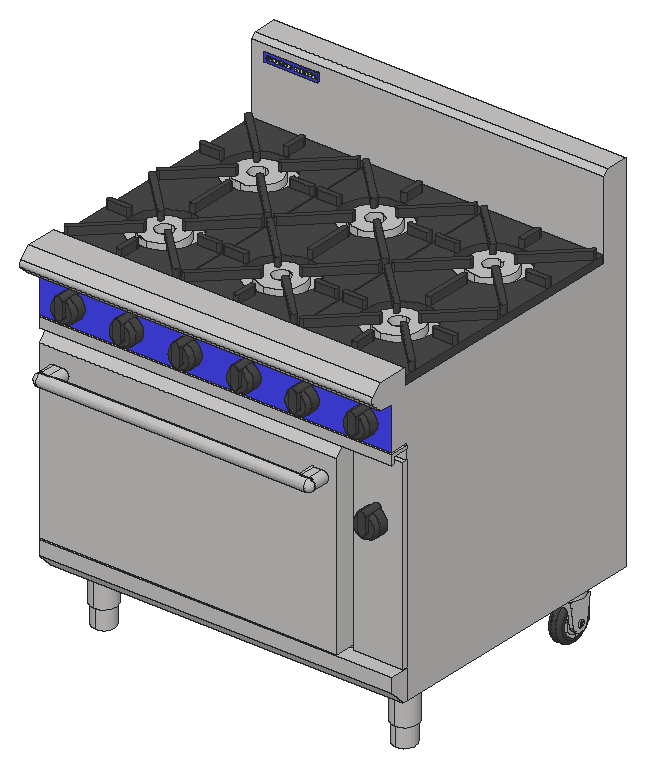
Revit family "QF_MOFFAT_BLUESEAL_CE_G56D", category Specialty Equipment, Revit 2012
Parameters
  Width = 900 mm  # constant formula
  Weight in Pounds = 467
  Watts = 130 W
  Volts = 230 V
  URL Cutsheet = "www.moffat.com"
  URL = "www.moffat.com"
  Type Mark [instance] = ""
  Status [instance] = ""
  Specification by User [instance] = ""
  Specification by Manufacturer = ""
  Show Logo [instance] = yes
  Show Clearance [instance] = yes
  Show Casters [instance] = yes
  Serial Number = ""
  Seismic Rating = ""
  SMACNA No = ""
  Revision Code [instance] = ""
  Phase = 1
  Omniclass Number and Title = ""
  Number of Poles [instance] = 1
  NAFEM Spec ID Number = ""
  Model = "G56D"
  Min Ckt Ampacity = 0 A
  Mechanical Remarks = ""
  Mechanical Connection Type [instance] = ""
  Max Overcurrent Protection = 0 A
  Masterspec = ""
  Manufacturer = "MOFFAT BLUESEAL"
  Legs [instance] = not(Show Casters)  # no
  Item Number [instance] = ""
  Installed By [instance] = ""
  Identify Quantity as Lot [instance] = yes
  Height = 970 mm  # constant formula
  HP = ""
  Gas Size = 3/4"
  Gas RI Height [instance] = 0 mm
  Gas KW = 55
  Gas Input = 187667.0 Btu/h
  Gas Connection Height = 0 mm
  Furnished By [instance] = ""
  Foodservice Equipment Identifier [instance] = yes
  FL Amps = 0.6 A
  Electrical Remarks = ""
  Electric Connection Type = ""
  Elec Conn RI Height = 0 mm
  Elec Conn Connection Height = 0 mm
  Description = "900MM GAS RANGE WITH CONVECTION OVEN"
  Depth = 812 mm  # constant formula
  Cycle = 60 Hz
  Conn Plug = ""
  Conn Conduit = yes
  CSI MasterFormat = ""
  CSI Master Format = ""
  Body Finish = QF_Finishes_Stainless Steel
  Apparent Power = 0 VA
Reference planes
  plane 1 "BACK": y = 0
  plane 2: z = 0
  plane 3 "LEFT": x = 0
  plane 4 "RIGHT": x = 900
  plane 5 "FRONT": y = -812
  plane 6 "TOP": z = 970
  plane 7 "Center Y": x = 450
  plane 8 "Center X": y = -406
  plane 9: x = 280
  plane 10: y = -574.272
  plane 11: x = 60
  plane 12: y = -304.972
  plane 13: y = -364.972
  plane 14: x = 74
  plane 15: y = -812
  plane 16: x = 834.5
  plane 17: y = -32
  plane 18: z = 655
  plane 19: y = -100
  plane 20: z = 1085
  plane 21: y = -705
  plane 22: x = 65.8
  plane 23: x = 534.2
  plane 24: x = 834.2
Forms (mm)
  Extrusion 1, solid, material "QF_Finishes_Stainless Steel" <- "Body Finish"
    sketch origin (0, 0, 0) x (0, 1, 0) y (0, 0, 1)
      loop
        line (0, 150) -> (0, 1085) -> (-57.5, 1085) -> (-70, 1072.5) -> (-70, 875) -> (-705, 875) -> (-705, 915) -> (-783.97, 915) -> (-808.476, 890.494)
        arc (-808.476, 890.494) -> (-811.994, 882) -> (-808.476, 873.506) r 12.013
        line (-808.476, 873.506) -> (-784.97, 850) -> (-749, 850) -> (-749, 740) -> (-699, 740) -> (-699, 150) -> (0, 150)
    from 0 to 900
  Extrusion 2, solid, material "QF_Finishes_Stainless Steel"
    sketch origin (0, 7, 0) x (0, 1, 0) y (0, 0, 1)
      loop
        line (-706, 700) -> (-732, 700) -> (-756, 676) -> (-756, 227.5) -> (-706, 227.5) -> (-706, 700)
    from 0 to 760
  Extrusion 3, solid, material "QF_Finishes_Stainless Steel"
    sketch origin (723.5, 7, 0) x (0, 1, 0) y (0, 0, 1)
      loop
        line (-706, 700) -> (-721, 700) -> (-721, 227.5) -> (-706, 227.5) -> (-706, 700)
    from 51.5 to 176.5
  Revolve 4, solid, material "QF_Finishes_Stainless Steel" <- "Body Finish"
    sketch origin (834.5, -696.126, 0) x (0, 1, 0) y (0, 0, -1)
      loop
        line (39.376, -150) -> (71.126, -150) -> (71.126, 0) -> (43.626, 0) -> (43.626, -50) -> (39.376, -50) -> (39.376, -150)
      axis (71.126, -150) -> (71.126, 0)
    angle from 0 to 360
  Revolve 5, solid, material "QF_Finishes_Stainless Steel" <- "Body Finish"
    sketch origin (65.5, -696.126, 0) x (0, 1, 0) y (0, 0, 1)
      loop
        line (39.376, 150) -> (39.376, 50) -> (43.626, 50) -> (43.626, 0) -> (71.126, 0) -> (71.126, 150) -> (39.376, 150)
      axis (71.126, 150) -> (71.126, 0)
    angle from 0 to 360
  Extrusion 6, solid, material "QF_Finishes_Stainless Steel"
    sketch origin (-64.5, 0, 325) x (1, 0, 0) y (0, 1, 0)
      loop
        circle (834.5, -32) r 10
    from 330 to 371
  Revolve 7, solid, material "QF_Finishes_Black"
    sketch origin (839.351, 45.874, -0.118) x (0, 1, 0) y (0, 0, 1)
      loop
        line (-827.874, 829.5) -> (-838.874, 823.651) -> (-838.874, 797) -> (-794.874, 797) -> (-794.874, 802) -> (-804.874, 802) -> (-804.874, 829.5) -> (-827.874, 829.5)
      axis (-838.874, 797) -> (-794.874, 797)
    angle from 0 to 360
  Revolve 8, solid, material "QF_Finishes_Black"
    sketch origin (689.351, 45.874, -0.118) x (0, 1, 0) y (0, 0, 1)
      loop
        line (-827.874, 829.5) -> (-838.874, 823.651) -> (-838.874, 797) -> (-794.874, 797) -> (-794.874, 802) -> (-804.874, 802) -> (-804.874, 829.5) -> (-827.874, 829.5)
      axis (-838.874, 797) -> (-794.874, 797)
    angle from 0 to 360
  Revolve 9, solid, material "QF_Finishes_Black"
    sketch origin (90.649, 45.874, -0.118) x (0, 1, 0) y (0, 0, -1)
      loop
        line (-827.874, -829.5) -> (-804.874, -829.5) -> (-804.874, -802) -> (-794.874, -802) -> (-794.874, -797) -> (-838.874, -797) -> (-838.874, -823.651) -> (-827.874, -829.5)
      axis (-838.874, -797) -> (-794.874, -797)
    angle from 0 to 360
  Revolve 10, solid, material "QF_Finishes_Black"
    sketch origin (240.649, 45.874, -0.118) x (0, 1, 0) y (0, 0, -1)
      loop
        line (-827.874, -829.5) -> (-804.874, -829.5) -> (-804.874, -802) -> (-794.874, -802) -> (-794.874, -797) -> (-838.874, -797) -> (-838.874, -823.651) -> (-827.874, -829.5)
      axis (-838.874, -797) -> (-794.874, -797)
    angle from 0 to 360
  Revolve 11, solid, material "QF_Finishes_Black"
    sketch origin (390.625, 45.874, -0.118) x (0, 1, 0) y (0, 0, -1)
      loop
        line (-827.874, -829.5) -> (-804.874, -829.5) -> (-804.874, -802) -> (-794.874, -802) -> (-794.874, -797) -> (-838.874, -797) -> (-838.874, -823.651) -> (-827.874, -829.5)
      axis (-838.874, -797) -> (-794.874, -797)
    angle from 0 to 360
  Extrusion 12, solid, material "QF_Finishes_Black"
    sketch origin (238.456, 7, -0.118) x (-1, 0, 0) y (0, 0, -1)
      loop
        arc (158.3, -789) -> (148.3, -779) -> (138.3, -789) r 10
        line (138.3, -789) -> (138.3, -824)
        arc (138.3, -824) -> (148.3, -834) -> (158.3, -824) r 10
        line (158.3, -824) -> (158.3, -789)
    from 759 to 808
  Extrusion 13, solid, material "QF_Finishes_Black"
    sketch origin (388.456, 7, -0.118) x (-1, 0, 0) y (0, 0, -1)
      loop
        arc (158.3, -789) -> (148.3, -779) -> (138.3, -789) r 10
        line (138.3, -789) -> (138.3, -824)
        arc (138.3, -824) -> (148.3, -834) -> (158.3, -824) r 10
        line (158.3, -824) -> (158.3, -789)
    from 759 to 808
  Extrusion 14, solid, material "QF_Finishes_Black"
    sketch origin (691.544, 7, -0.118) x (1, 0, 0) y (0, 0, 1)
      loop
        line (158.3, 789) -> (158.3, 824)
        arc (158.3, 824) -> (148.3, 834) -> (138.3, 824) r 10
        line (138.3, 824) -> (138.3, 789)
        arc (138.3, 789) -> (148.3, 779) -> (158.3, 789) r 10
    from 759 to 808
  Extrusion 15, solid, material "QF_Finishes_Black"
    sketch origin (541.544, 7, -0.118) x (1, 0, 0) y (0, 0, 1)
      loop
        line (158.3, 789) -> (158.3, 824)
        arc (158.3, 824) -> (148.3, 834) -> (138.3, 824) r 10
        line (138.3, 824) -> (138.3, 789)
        arc (138.3, 789) -> (148.3, 779) -> (158.3, 789) r 10
    from 759 to 808
  Extrusion 16, solid, material "QF_Finishes_Black"
    sketch origin (538.432, 7, -0.118) x (-1, 0, 0) y (0, 0, -1)
      loop
        arc (158.3, -789) -> (148.3, -779) -> (138.3, -789) r 10
        line (138.3, -789) -> (138.3, -824)
        arc (138.3, -824) -> (148.3, -834) -> (158.3, -824) r 10
        line (158.3, -824) -> (158.3, -789)
    from 759 to 808
  Extrusion 17, solid, material "QF_Finishes_Black"
    sketch origin (688.432, 7, -0.118) x (-1, 0, 0) y (0, 0, -1)
      loop
        arc (158.3, -789) -> (148.3, -779) -> (138.3, -789) r 10
        line (138.3, -789) -> (138.3, -824)
        arc (138.3, -824) -> (148.3, -834) -> (158.3, -824) r 10
        line (158.3, -824) -> (158.3, -789)
    from 759 to 808
  Revolve 18, solid, material "QF_Finishes_Black"
    sketch origin (836.851, 80.874, -245.743) x (0, 1, 0) y (0, 0, 1)
      loop
        line (-827.874, 829.5) -> (-838.874, 823.651) -> (-838.874, 797) -> (-794.874, 797) -> (-794.874, 802) -> (-804.874, 802) -> (-804.874, 829.5) -> (-827.874, 829.5)
      axis (-838.874, 797) -> (-794.874, 797)
    angle from 0 to 360
  Extrusion 19, solid, material "QF_Finishes_Black"
    sketch origin (689.044, 42, -245.743) x (1, 0, 0) y (0, 0, 1)
      loop
        line (158.3, 789) -> (158.3, 824)
        arc (158.3, 824) -> (148.3, 834) -> (138.3, 824) r 10
        line (138.3, 824) -> (138.3, 789)
        arc (138.3, 789) -> (148.3, 779) -> (158.3, 789) r 10
    from 759 to 808
  Extrusion 20, solid, material "QF_Door-Drawer Clearances", visible <- "Show Clearance", detail levels coarse
    sketch origin (0, 7, 0) x (0, -1, 0) y (0, 0, 1)
      loop
        line (756, 697.347) -> (756, 227.5) -> (1225.847, 227.5)
        arc (1225.847, 227.5) -> (1088.232, 559.732) -> (756, 697.347) r 469.847
    from 0 to -760
  Extrusion 21, void
    sketch origin (0, 0, 220) x (1, 0, 0) y (0, 1, 0)
      loop
        line (824, -87) -> (824, 0) -> (694, 0) -> (694, -39) -> (744, -87) -> (824, -87)
    from 0 to 476
  Revolve 22, solid, material "QF_Finishes_Black"
    sketch origin (540.625, 45.874, -0.118) x (0, 1, 0) y (0, 0, -1)
      loop
        line (-827.874, -829.5) -> (-804.874, -829.5) -> (-804.874, -802) -> (-794.874, -802) -> (-794.874, -797) -> (-838.874, -797) -> (-838.874, -823.651) -> (-827.874, -829.5)
      axis (-838.874, -797) -> (-794.874, -797)
    angle from 0 to 360
  Extrusion 23, solid, material "QF_Finishes_Stainless Steel"
    sketch origin (0, -749, 227.5) x (0, 0, 1) y (-1, 0, 0)
      loop
        line (380.625, -38.246) -> (380.625, -58.528)
        arc (380.625, -58.528) -> (395.625, -73.528) -> (410.625, -58.528) r 15
        line (410.625, -58.528) -> (410.625, -38.246)
        arc (410.625, -38.246) -> (395.625, -23.246) -> (380.625, -38.246) r 15
      loop
        arc (380.625, -723.039) -> (395.625, -738.039) -> (410.625, -723.039) r 15
        line (410.625, -723.039) -> (410.625, -702.757)
        arc (410.625, -702.757) -> (395.625, -687.757) -> (380.625, -702.757) r 15
        line (380.625, -702.757) -> (380.625, -723.039)
    from 0 to 44
  Revolve 24, solid, material "QF_Finishes_Stainless Steel"
    sketch origin (0, -793, 0) x (1, 0, 0) y (0, 0, 1)
      loop
        arc (738.039, 623.125) -> (733.646, 633.732) -> (723.039, 638.125) r 15
        line (723.039, 638.125) -> (38.246, 638.125)
        arc (38.246, 638.125) -> (27.64, 633.732) -> (23.246, 623.125) r 15
        line (23.246, 623.125) -> (738.039, 623.125)
      axis (738.039, 623.125) -> (23.246, 623.125)
    angle from 0 to 360
  Extrusion 25, solid, material "QF_Finishes_Stainless Steel" <- "Body Finish"
    sketch origin (0, 7, 0) x (0, 1, 0) y (0, 0, 1)
      loop
        line (-756, 710) -> (-747.224, 710) -> (-749.613, 726.999) -> (-707.93, 726.999) -> (-707.93, 734.003) -> (-756, 734.003) -> (-756, 710)
    from 0 to 900
  Extrusion 26, solid, material "QF_Finishes_Stainless Steel" <- "Body Finish"
    sketch origin (0, 4.73, 0) x (0, 1, 0) y (0, 0, 1)
      loop
        line (-753.73, 222.5) -> (-753.73, 186) -> (-717.73, 150) -> (-703.73, 150) -> (-703.73, 222.5) -> (-753.73, 222.5)
    from 0 to 900
  Extrusion 27, solid, material "QF_Finishes_Stainless Steel", visible <- "Show Casters"
    sketch origin (71.501, 133.353, -8.783) x (0, 1, 0) y (0, 0, 1)
      loop
        line (-201.603, 118.783) -> (-265.103, 118.783) -> (-252.746, 53.895)
        arc (-252.746, 53.895) -> (-233.353, 38.783) -> (-213.959, 53.895) r 20
        line (-213.959, 53.895) -> (-201.603, 118.783)
    from -35.667 to 22.923
  Revolve 28, solid, material "QF_Finishes_Stainless Steel", visible <- "Show Casters"
    sketch origin (65, -203, 0) x (0, 1, 0) y (0, 0, 1)
      loop
        line (67.25, 150) -> (67.25, 110) -> (103, 110) -> (103, 150) -> (67.25, 150)
      axis (103, 150) -> (103, 110)
    angle from 0 to 360
  Revolve 29, solid, material "QF_Finishes_Stainless Steel", visible <- "Show Casters"
    sketch origin (834.5, -203, 0) x (0, 1, 0) y (0, 0, -1)
      loop
        line (67.25, -150) -> (103, -150) -> (103, -110) -> (67.25, -110) -> (67.25, -150)
      axis (103, -150) -> (103, -110)
    angle from 0 to 360
  Revolve 30, solid, material "QF_Finishes_Stainless Steel", visible <- "Show Casters"
    sketch origin (785.276, -99.755, -13.653) x (1, 0, 0) y (0, 0, 1)
      loop
        line (14.841, 64.453) -> (83.584, 64.453) -> (83.584, 67.958) -> (82.314, 69.228) -> (80.79, 69.228) -> (80.79, 72.674) -> (68.644, 72.674) -> (68.644, 82.639) -> (65.088, 84.692) -> (63.738, 93.028) -> (65.881, 93.028) -> (65.881, 99.378) -> (65.088, 99.378) -> (65.088, 105.728)
        arc (65.088, 105.728) -> (62.298, 112.463) -> (55.563, 115.253) r 9.525
        line (55.563, 115.253) -> (42.863, 115.253)
        arc (42.863, 115.253) -> (36.127, 112.463) -> (33.338, 105.728) r 9.525
        line (33.338, 105.728) -> (33.338, 99.378) -> (32.544, 99.378) -> (32.544, 93.028) -> (34.687, 93.028) -> (33.352, 84.781) -> (29.782, 82.719) -> (29.782, 72.674) -> (17.635, 72.674) -> (17.635, 69.228) -> (16.111, 69.228) -> (14.841, 67.958) -> (14.841, 64.453)
      axis (14.841, 64.453) -> (83.584, 64.453)
    angle from 0 to 360
  Extrusion 31, solid, material "QF_Finishes_Stainless Steel", visible <- "Show Casters"
    sketch origin (841.001, 133.353, -8.783) x (0, 1, 0) y (0, 0, 1)
      loop
        line (-201.603, 118.783) -> (-265.103, 118.783) -> (-252.746, 53.895)
        arc (-252.746, 53.895) -> (-233.353, 38.783) -> (-213.959, 53.895) r 20
        line (-213.959, 53.895) -> (-201.603, 118.783)
    from -35.667 to 22.923
  Revolve 32, solid, material "QF_Finishes_Stainless Steel", visible <- "Legs"
    sketch origin (65, -165, 0) x (0, 1, 0) y (0, 0, 1)
      loop
        line (33.25, 150) -> (33.25, 50) -> (37.5, 50) -> (37.5, 0) -> (65, 0) -> (65, 150) -> (33.25, 150)
      axis (65, 150) -> (65, 0)
    angle from 0 to 360
  Revolve 33, solid, material "QF_Finishes_Stainless Steel", visible <- "Legs"
    sketch origin (834.5, -165, 0) x (0, 1, 0) y (0, 0, -1)
      loop
        line (33.25, -150) -> (65, -150) -> (65, 0) -> (37.5, 0) -> (37.5, -50) -> (33.25, -50) -> (33.25, -150)
      axis (65, -150) -> (65, 0)
    angle from 0 to 360
  Revolve 34, solid, material "QF_Finishes_Stainless Steel", visible <- "Show Casters"
    sketch origin (114.224, -99.755, -13.653) x (-1, 0, 0) y (0, 0, -1)
      loop
        line (14.841, -64.453) -> (14.841, -67.958) -> (16.111, -69.228) -> (17.635, -69.228) -> (17.635, -72.674) -> (29.782, -72.674) -> (29.782, -82.719) -> (33.352, -84.781) -> (34.687, -93.028) -> (32.544, -93.028) -> (32.544, -99.378) -> (33.338, -99.378) -> (33.338, -105.728)
        arc (33.338, -105.728) -> (36.127, -112.463) -> (42.863, -115.253) r 9.525
        line (42.863, -115.253) -> (55.563, -115.253)
        arc (55.563, -115.253) -> (62.298, -112.463) -> (65.088, -105.728) r 9.525
        line (65.088, -105.728) -> (65.088, -99.378) -> (65.881, -99.378) -> (65.881, -93.028) -> (63.738, -93.028) -> (65.088, -84.692) -> (68.644, -82.639) -> (68.644, -72.674) -> (80.79, -72.674) -> (80.79, -69.228) -> (82.314, -69.228) -> (83.584, -67.958) -> (83.584, -64.453) -> (14.841, -64.453)
      axis (14.841, -64.453) -> (83.584, -64.453)
    angle from 0 to 360
  Extrusion 35, solid, material "QF_Finishes_Black"
    sketch origin (0, -70, 875) x (0, -1, 0) y (1, 0, 0)
      loop
        arc (1, 4) -> (1.879, 1.879) -> (4, 1) r 3
        line (4, 1) -> (632, 1)
        arc (632, 1) -> (634.121, 1.879) -> (635, 4) r 3
        line (635, 4) -> (635, 297)
        arc (635, 297) -> (634.121, 299.121) -> (632, 300) r 3
        line (632, 300) -> (4, 300)
        arc (4, 300) -> (1.879, 299.121) -> (1, 297) r 3
        line (1, 297) -> (1, 4)
      loop
        circle (167.5, 150) r 85
      loop
        circle (467.768, 150) r 85
    from 0 to 19.5
  Extrusion 36, solid, material "QF_Finishes_Black"
    sketch origin (0, -73.5, 894.5) x (0, -1, 0) y (1, 0, 0)
      loop
        spline (323.602, 15.153) -> (322.681, 13.924) -> (322.131, 12.47) -> (321.99, 10.89) -> (322.267, 9.292) -> (322.943, 7.786) -> (323.973, 6.473) -> (325.286, 5.443) -> (326.792, 4.767) -> (328.39, 4.49) -> (329.97, 4.631) -> (331.424, 5.181) -> (332.653, 6.102)
        line (332.653, 6.102) -> (440.576, 114.025)
        spline (440.576, 114.025) -> (441.337, 115.095) -> (441.738, 116.399) -> (441.751, 117.851) -> (441.375, 119.35) -> (440.637, 120.795) -> (439.586, 122.086) -> (438.295, 123.137) -> (436.85, 123.875) -> (435.351, 124.251) -> (433.899, 124.238) -> (432.595, 123.837) -> (431.525, 123.076)
        line (431.525, 123.076) -> (323.602, 15.153)
      loop
        spline (371.852, 143.6) -> (373.146, 143.818) -> (374.352, 144.457) -> (375.388, 145.475) -> (376.182, 146.8) -> (376.682, 148.344) -> (376.852, 150) -> (376.682, 151.656) -> (376.182, 153.2) -> (375.388, 154.525) -> (374.352, 155.543) -> (373.146, 156.182) -> (371.852, 156.4)
        line (371.852, 156.4) -> (259.398, 156.4)
        spline (259.398, 156.4) -> (258.104, 156.182) -> (256.898, 155.543) -> (255.862, 154.525) -> (255.068, 153.2) -> (254.568, 151.656) -> (254.398, 150) -> (254.568, 148.344) -> (255.068, 146.8) -> (255.862, 145.475) -> (256.898, 144.457) -> (258.104, 143.818) -> (259.398, 143.6)
        line (259.398, 143.6) -> (371.852, 143.6)
      loop
        line (311.398, 15.153) -> (203.475, 123.076)
        spline (203.475, 123.076) -> (202.405, 123.837) -> (201.101, 124.238) -> (199.649, 124.251) -> (198.15, 123.875) -> (196.705, 123.137) -> (195.414, 122.086) -> (194.363, 120.795) -> (193.625, 119.35) -> (193.249, 117.851) -> (193.262, 116.399) -> (193.663, 115.095) -> (194.424, 114.025)
        line (194.424, 114.025) -> (302.347, 6.102)
        spline (302.347, 6.102) -> (303.416, 5.341) -> (304.721, 4.941) -> (306.172, 4.928) -> (307.671, 5.303) -> (309.116, 6.041) -> (310.408, 7.092) -> (311.459, 8.384) -> (312.197, 9.829) -> (312.572, 11.328) -> (312.559, 12.779) -> (312.159, 14.084) -> (311.398, 15.153)
      loop
        line (323.602, 284.847) -> (431.525, 176.924)
        spline (431.525, 176.924) -> (432.595, 176.163) -> (433.899, 175.762) -> (435.351, 175.749) -> (436.85, 176.125) -> (438.295, 176.863) -> (439.586, 177.914) -> (440.637, 179.205) -> (441.375, 180.65) -> (441.751, 182.149) -> (441.738, 183.601) -> (441.337, 184.905) -> (440.576, 185.975)
        line (440.576, 185.975) -> (332.653, 293.898)
        spline (332.653, 293.898) -> (331.424, 294.819) -> (329.97, 295.369) -> (328.39, 295.51) -> (326.792, 295.233) -> (325.286, 294.557) -> (323.973, 293.527) -> (322.943, 292.214) -> (322.267, 290.708) -> (321.99, 289.11) -> (322.131, 287.53) -> (322.681, 286.076) -> (323.602, 284.847)
      loop
        spline (311.398, 284.847) -> (312.159, 285.916) -> (312.559, 287.221) -> (312.572, 288.672) -> (312.197, 290.171) -> (311.459, 291.616) -> (310.408, 292.908) -> (309.116, 293.959) -> (307.671, 294.697) -> (306.172, 295.072) -> (304.721, 295.059) -> (303.416, 294.659) -> (302.347, 293.898)
        line (302.347, 293.898) -> (194.424, 185.975)
        spline (194.424, 185.975) -> (193.663, 184.905) -> (193.262, 183.601) -> (193.249, 182.149) -> (193.625, 180.65) -> (194.363, 179.205) -> (195.414, 177.914) -> (196.705, 176.863) -> (198.15, 176.125) -> (199.649, 175.749) -> (201.101, 175.762) -> (202.405, 176.163) -> (203.475, 176.924)
        line (203.475, 176.924) -> (311.398, 284.847)
      loop
        spline (73.549, 143.6) -> (74.844, 143.818) -> (76.049, 144.457) -> (77.085, 145.475) -> (77.88, 146.8) -> (78.379, 148.344) -> (78.549, 150) -> (78.379, 151.656) -> (77.88, 153.2) -> (77.085, 154.525) -> (76.049, 155.543) -> (74.844, 156.182) -> (73.549, 156.4)
        line (73.549, 156.4) -> (25.093, 156.4)
        spline (25.093, 156.4) -> (23.799, 156.182) -> (22.593, 155.543) -> (21.558, 154.525) -> (20.763, 153.2) -> (20.264, 151.656) -> (20.093, 150) -> (20.264, 148.344) -> (20.763, 146.8) -> (21.558, 145.475) -> (22.593, 144.457) -> (23.799, 143.818) -> (25.093, 143.6)
        line (25.093, 143.6) -> (73.549, 143.6)
      loop
        spline (608.1, 143.6) -> (609.394, 143.818) -> (610.6, 144.457) -> (611.636, 145.475) -> (612.43, 146.8) -> (612.93, 148.344) -> (613.1, 150) -> (612.93, 151.656) -> (612.43, 153.2) -> (611.636, 154.525) -> (610.6, 155.543) -> (609.394, 156.182) -> (608.1, 156.4)
        line (608.1, 156.4) -> (558.644, 156.4)
        spline (558.644, 156.4) -> (557.35, 156.182) -> (556.144, 155.543) -> (555.108, 154.525) -> (554.314, 153.2) -> (553.814, 151.656) -> (553.644, 150) -> (553.814, 148.344) -> (554.314, 146.8) -> (555.108, 145.475) -> (556.144, 144.457) -> (557.35, 143.818) -> (558.644, 143.6)
        line (558.644, 143.6) -> (608.1, 143.6)
      loop
        spline (457.6, 10.156) -> (457.818, 8.862) -> (458.457, 7.656) -> (459.475, 6.62) -> (460.8, 5.826) -> (462.344, 5.326) -> (464, 5.156) -> (465.656, 5.326) -> (467.2, 5.826) -> (468.525, 6.62) -> (469.543, 7.656) -> (470.182, 8.862) -> (470.4, 10.156)
        line (470.4, 10.156) -> (470.4, 58.612)
        spline (470.4, 58.612) -> (470.182, 59.906) -> (469.543, 61.112) -> (468.525, 62.148) -> (467.2, 62.942) -> (465.656, 63.442) -> (464, 63.612) -> (462.344, 63.442) -> (460.8, 62.942) -> (459.475, 62.148) -> (458.457, 61.112) -> (457.818, 59.906) -> (457.6, 58.612)
        line (457.6, 58.612) -> (457.6, 10.156)
      loop
        spline (160.966, 10.156) -> (161.184, 8.862) -> (161.823, 7.656) -> (162.841, 6.62) -> (164.166, 5.826) -> (165.71, 5.326) -> (167.366, 5.156) -> (169.022, 5.326) -> (170.566, 5.826) -> (171.892, 6.62) -> (172.909, 7.656) -> (173.548, 8.862) -> (173.766, 10.156)
        line (173.766, 10.156) -> (173.766, 58.612)
        spline (173.766, 58.612) -> (173.548, 59.906) -> (172.909, 61.112) -> (171.892, 62.148) -> (170.566, 62.942) -> (169.022, 63.442) -> (167.366, 63.612) -> (165.71, 63.442) -> (164.166, 62.942) -> (162.841, 62.148) -> (161.823, 61.112) -> (161.184, 59.906) -> (160.966, 58.612)
        line (160.966, 58.612) -> (160.966, 10.156)
      loop
        spline (457.6, 241.636) -> (457.818, 240.342) -> (458.457, 239.136) -> (459.475, 238.1) -> (460.8, 237.306) -> (462.344, 236.806) -> (464, 236.636) -> (465.656, 236.806) -> (467.2, 237.306) -> (468.525, 238.1) -> (469.543, 239.136) -> (470.182, 240.342) -> (470.4, 241.636)
        line (470.4, 241.636) -> (470.4, 290.092)
        spline (470.4, 290.092) -> (470.182, 291.386) -> (469.543, 292.592) -> (468.525, 293.628) -> (467.2, 294.422) -> (465.656, 294.922) -> (464, 295.092) -> (462.344, 294.922) -> (460.8, 294.422) -> (459.475, 293.628) -> (458.457, 292.592) -> (457.818, 291.386) -> (457.6, 290.092)
        line (457.6, 290.092) -> (457.6, 241.636)
      loop
        spline (160.966, 241.636) -> (161.184, 240.342) -> (161.823, 239.136) -> (162.841, 238.1) -> (164.166, 237.306) -> (165.71, 236.806) -> (167.366, 236.636) -> (169.022, 236.806) -> (170.566, 237.306) -> (171.892, 238.1) -> (172.909, 239.136) -> (173.548, 240.342) -> (173.766, 241.636)
        line (173.766, 241.636) -> (173.766, 290.092)
        spline (173.766, 290.092) -> (173.548, 291.386) -> (172.909, 292.592) -> (171.892, 293.628) -> (170.566, 294.422) -> (169.022, 294.922) -> (167.366, 295.092) -> (165.71, 294.922) -> (164.166, 294.422) -> (162.841, 293.628) -> (161.823, 292.592) -> (161.184, 291.386) -> (160.966, 290.092)
        line (160.966, 290.092) -> (160.966, 241.636)
      loop
        line (604.398, 15.153) -> (496.475, 123.076)
        spline (496.475, 123.076) -> (495.405, 123.837) -> (494.101, 124.238) -> (492.649, 124.251) -> (491.15, 123.875) -> (489.705, 123.137) -> (488.414, 122.086) -> (487.363, 120.795) -> (486.625, 119.35) -> (486.249, 117.851) -> (486.262, 116.399) -> (486.663, 115.095) -> (487.424, 114.025)
        line (487.424, 114.025) -> (595.347, 6.102)
        spline (595.347, 6.102) -> (596.576, 5.181) -> (598.03, 4.631) -> (599.61, 4.49) -> (601.208, 4.767) -> (602.714, 5.443) -> (604.027, 6.473) -> (605.057, 7.786) -> (605.733, 9.292) -> (606.01, 10.89) -> (605.869, 12.47) -> (605.319, 13.924) -> (604.398, 15.153)
      loop
        spline (604.398, 284.847) -> (605.319, 286.076) -> (605.869, 287.53) -> (606.01, 289.11) -> (605.733, 290.708) -> (605.057, 292.214) -> (604.027, 293.527) -> (602.714, 294.557) -> (601.208, 295.233) -> (599.61, 295.51) -> (598.03, 295.369) -> (596.576, 294.819) -> (595.347, 293.898)
        line (595.347, 293.898) -> (487.424, 185.975)
        spline (487.424, 185.975) -> (486.663, 184.905) -> (486.262, 183.601) -> (486.249, 182.149) -> (486.625, 180.65) -> (487.363, 179.205) -> (488.414, 177.914) -> (489.705, 176.863) -> (491.15, 176.125) -> (492.649, 175.749) -> (494.101, 175.762) -> (495.405, 176.163) -> (496.475, 176.924)
        line (496.475, 176.924) -> (604.398, 284.847)
      loop
        spline (16.602, 15.153) -> (15.841, 14.084) -> (15.441, 12.779) -> (15.428, 11.328) -> (15.803, 9.829) -> (16.541, 8.384) -> (17.592, 7.092) -> (18.884, 6.041) -> (20.329, 5.303) -> (21.828, 4.928) -> (23.279, 4.941) -> (24.584, 5.341) -> (25.653, 6.102)
        line (25.653, 6.102) -> (133.576, 114.025)
        spline (133.576, 114.025) -> (134.337, 115.095) -> (134.738, 116.399) -> (134.751, 117.851) -> (134.375, 119.35) -> (133.637, 120.795) -> (132.586, 122.086) -> (131.295, 123.137) -> (129.85, 123.875) -> (128.351, 124.251) -> (126.899, 124.238) -> (125.595, 123.837) -> (124.525, 123.076)
        line (124.525, 123.076) -> (16.602, 15.153)
      loop
        line (16.602, 284.847) -> (124.525, 176.924)
        spline (124.525, 176.924) -> (125.595, 176.163) -> (126.899, 175.762) -> (128.351, 175.749) -> (129.85, 176.125) -> (131.295, 176.863) -> (132.586, 177.914) -> (133.637, 179.205) -> (134.375, 180.65) -> (134.751, 182.149) -> (134.738, 183.601) -> (134.337, 184.905) -> (133.576, 185.975)
        line (133.576, 185.975) -> (25.653, 293.898)
        spline (25.653, 293.898) -> (24.584, 294.659) -> (23.279, 295.059) -> (21.828, 295.072) -> (20.329, 294.697) -> (18.884, 293.959) -> (17.592, 292.908) -> (16.541, 291.616) -> (15.803, 290.171) -> (15.428, 288.672) -> (15.441, 287.221) -> (15.841, 285.916) -> (16.602, 284.847)
      loop
        line (323.602, 584.847) -> (431.525, 476.924)
        spline (431.525, 476.924) -> (432.595, 476.163) -> (433.899, 475.762) -> (435.351, 475.749) -> (436.85, 476.125) -> (438.295, 476.863) -> (439.586, 477.914) -> (440.637, 479.205) -> (441.375, 480.65) -> (441.751, 482.149) -> (441.738, 483.601) -> (441.337, 484.905) -> (440.576, 485.975)
        line (440.576, 485.975) -> (332.653, 593.898)
        spline (332.653, 593.898) -> (331.424, 594.819) -> (329.97, 595.369) -> (328.39, 595.51) -> (326.792, 595.233) -> (325.286, 594.557) -> (323.973, 593.527) -> (322.943, 592.214) -> (322.267, 590.708) -> (321.99, 589.11) -> (322.131, 587.53) -> (322.681, 586.076) -> (323.602, 584.847)
      loop
        line (371.852, 456.4) -> (259.398, 456.4)
        spline (259.398, 456.4) -> (258.104, 456.182) -> (256.898, 455.543) -> (255.862, 454.525) -> (255.068, 453.2) -> (254.568, 451.656) -> (254.398, 450) -> (254.568, 448.344) -> (255.068, 446.8) -> (255.862, 445.475) -> (256.898, 444.457) -> (258.104, 443.818) -> (259.398, 443.6)
        line (259.398, 443.6) -> (371.852, 443.6)
        spline (371.852, 443.6) -> (373.146, 443.818) -> (374.352, 444.457) -> (375.388, 445.475) -> (376.182, 446.8) -> (376.682, 448.344) -> (376.852, 450) -> (376.682, 451.656) -> (376.182, 453.2) -> (375.388, 454.525) -> (374.352, 455.543) -> (373.146, 456.182) -> (371.852, 456.4)
      loop
        spline (311.398, 584.847) -> (312.159, 585.916) -> (312.559, 587.221) -> (312.572, 588.672) -> (312.197, 590.171) -> (311.459, 591.616) -> (310.408, 592.908) -> (309.116, 593.959) -> (307.671, 594.697) -> (306.172, 595.072) -> (304.721, 595.059) -> (303.416, 594.659) -> (302.347, 593.898)
        line (302.347, 593.898) -> (194.424, 485.975)
        spline (194.424, 485.975) -> (193.663, 484.905) -> (193.262, 483.601) -> (193.249, 482.149) -> (193.625, 480.65) -> (194.363, 479.205) -> (195.414, 477.914) -> (196.705, 476.863) -> (198.15, 476.125) -> (199.649, 475.749) -> (201.101, 475.762) -> (202.405, 476.163) -> (203.475, 476.924)
        line (203.475, 476.924) -> (311.398, 584.847)
      loop
        spline (323.602, 315.153) -> (322.681, 313.924) -> (322.131, 312.47) -> (321.99, 310.89) -> (322.267, 309.292) -> (322.943, 307.786) -> (323.973, 306.473) -> (325.286, 305.443) -> (326.792, 304.767) -> (328.39, 304.49) -> (329.97, 304.631) -> (331.424, 305.181) -> (332.653, 306.102)
        line (332.653, 306.102) -> (440.576, 414.025)
        spline (440.576, 414.025) -> (441.337, 415.095) -> (441.738, 416.399) -> (441.751, 417.851) -> (441.375, 419.35) -> (440.637, 420.795) -> (439.586, 422.086) -> (438.295, 423.137) -> (436.85, 423.875) -> (435.351, 424.251) -> (433.899, 424.238) -> (432.595, 423.837) -> (431.525, 423.076)
        line (431.525, 423.076) -> (323.602, 315.153)
      loop
        line (311.398, 315.153) -> (203.475, 423.076)
        spline (203.475, 423.076) -> (202.405, 423.837) -> (201.101, 424.238) -> (199.649, 424.251) -> (198.15, 423.875) -> (196.705, 423.137) -> (195.414, 422.086) -> (194.363, 420.795) -> (193.625, 419.35) -> (193.249, 417.851) -> (193.262, 416.399) -> (193.663, 415.095) -> (194.424, 414.025)
        line (194.424, 414.025) -> (302.347, 306.102)
        spline (302.347, 306.102) -> (303.416, 305.341) -> (304.721, 304.941) -> (306.172, 304.928) -> (307.671, 305.303) -> (309.116, 306.041) -> (310.408, 307.092) -> (311.459, 308.384) -> (312.197, 309.829) -> (312.572, 311.328) -> (312.559, 312.779) -> (312.159, 314.084) -> (311.398, 315.153)
      loop
        line (73.549, 456.4) -> (25.093, 456.4)
        spline (25.093, 456.4) -> (23.799, 456.182) -> (22.593, 455.543) -> (21.558, 454.525) -> (20.763, 453.2) -> (20.264, 451.656) -> (20.093, 450) -> (20.264, 448.344) -> (20.763, 446.8) -> (21.558, 445.475) -> (22.593, 444.457) -> (23.799, 443.818) -> (25.093, 443.6)
        line (25.093, 443.6) -> (73.549, 443.6)
        spline (73.549, 443.6) -> (74.844, 443.818) -> (76.049, 444.457) -> (77.085, 445.475) -> (77.88, 446.8) -> (78.379, 448.344) -> (78.549, 450) -> (78.379, 451.656) -> (77.88, 453.2) -> (77.085, 454.525) -> (76.049, 455.543) -> (74.844, 456.182) -> (73.549, 456.4)
      loop
        line (608.1, 456.4) -> (558.644, 456.4)
        spline (558.644, 456.4) -> (557.35, 456.182) -> (556.144, 455.543) -> (555.108, 454.525) -> (554.314, 453.2) -> (553.814, 451.656) -> (553.644, 450) -> (553.814, 448.344) -> (554.314, 446.8) -> (555.108, 445.475) -> (556.144, 444.457) -> (557.35, 443.818) -> (558.644, 443.6)
        line (558.644, 443.6) -> (608.1, 443.6)
        spline (608.1, 443.6) -> (609.394, 443.818) -> (610.6, 444.457) -> (611.636, 445.475) -> (612.43, 446.8) -> (612.93, 448.344) -> (613.1, 450) -> (612.93, 451.656) -> (612.43, 453.2) -> (611.636, 454.525) -> (610.6, 455.543) -> (609.394, 456.182) -> (608.1, 456.4)
      loop
        line (457.6, 589.844) -> (457.6, 541.388)
        spline (457.6, 541.388) -> (457.818, 540.094) -> (458.457, 538.888) -> (459.475, 537.852) -> (460.8, 537.058) -> (462.344, 536.558) -> (464, 536.388) -> (465.656, 536.558) -> (467.2, 537.058) -> (468.525, 537.852) -> (469.543, 538.888) -> (470.182, 540.094) -> (470.4, 541.388)
        line (470.4, 541.388) -> (470.4, 589.844)
        spline (470.4, 589.844) -> (470.182, 591.138) -> (469.543, 592.344) -> (468.525, 593.38) -> (467.2, 594.174) -> (465.656, 594.674) -> (464, 594.844) -> (462.344, 594.674) -> (460.8, 594.174) -> (459.475, 593.38) -> (458.457, 592.344) -> (457.818, 591.138) -> (457.6, 589.844)
      loop
        line (160.966, 589.844) -> (160.966, 541.388)
        spline (160.966, 541.388) -> (161.184, 540.094) -> (161.823, 538.888) -> (162.841, 537.852) -> (164.166, 537.058) -> (165.71, 536.558) -> (167.366, 536.388) -> (169.022, 536.558) -> (170.566, 537.058) -> (171.892, 537.852) -> (172.909, 538.888) -> (173.548, 540.094) -> (173.766, 541.388)
        line (173.766, 541.388) -> (173.766, 589.844)
        spline (173.766, 589.844) -> (173.548, 591.138) -> (172.909, 592.344) -> (171.892, 593.38) -> (170.566, 594.174) -> (169.022, 594.674) -> (167.366, 594.844) -> (165.71, 594.674) -> (164.166, 594.174) -> (162.841, 593.38) -> (161.823, 592.344) -> (161.184, 591.138) -> (160.966, 589.844)
      loop
        line (457.6, 358.364) -> (457.6, 309.908)
        spline (457.6, 309.908) -> (457.818, 308.614) -> (458.457, 307.408) -> (459.475, 306.372) -> (460.8, 305.578) -> (462.344, 305.078) -> (464, 304.908) -> (465.656, 305.078) -> (467.2, 305.578) -> (468.525, 306.372) -> (469.543, 307.408) -> (470.182, 308.614) -> (470.4, 309.908)
        line (470.4, 309.908) -> (470.4, 358.364)
        spline (470.4, 358.364) -> (470.182, 359.658) -> (469.543, 360.864) -> (468.525, 361.9) -> (467.2, 362.694) -> (465.656, 363.194) -> (464, 363.364) -> (462.344, 363.194) -> (460.8, 362.694) -> (459.475, 361.9) -> (458.457, 360.864) -> (457.818, 359.658) -> (457.6, 358.364)
      loop
        line (160.966, 358.364) -> (160.966, 309.908)
        spline (160.966, 309.908) -> (161.184, 308.614) -> (161.823, 307.408) -> (162.841, 306.372) -> (164.166, 305.578) -> (165.71, 305.078) -> (167.366, 304.908) -> (169.022, 305.078) -> (170.566, 305.578) -> (171.892, 306.372) -> (172.909, 307.408) -> (173.548, 308.614) -> (173.766, 309.908)
        line (173.766, 309.908) -> (173.766, 358.364)
        spline (173.766, 358.364) -> (173.548, 359.658) -> (172.909, 360.864) -> (171.892, 361.9) -> (170.566, 362.694) -> (169.022, 363.194) -> (167.366, 363.364) -> (165.71, 363.194) -> (164.166, 362.694) -> (162.841, 361.9) -> (161.823, 360.864) -> (161.184, 359.658) -> (160.966, 358.364)
      loop
        spline (604.398, 584.847) -> (605.319, 586.076) -> (605.869, 587.53) -> (606.01, 589.11) -> (605.733, 590.708) -> (605.057, 592.214) -> (604.027, 593.527) -> (602.714, 594.557) -> (601.208, 595.233) -> (599.61, 595.51) -> (598.03, 595.369) -> (596.576, 594.819) -> (595.347, 593.898)
        line (595.347, 593.898) -> (487.424, 485.975)
        spline (487.424, 485.975) -> (486.663, 484.905) -> (486.262, 483.601) -> (486.249, 482.149) -> (486.625, 480.65) -> (487.363, 479.205) -> (488.414, 477.914) -> (489.705, 476.863) -> (491.15, 476.125) -> (492.649, 475.749) -> (494.101, 475.762) -> (495.405, 476.163) -> (496.475, 476.924)
        line (496.475, 476.924) -> (604.398, 584.847)
      loop
        line (604.398, 315.153) -> (496.475, 423.076)
        spline (496.475, 423.076) -> (495.405, 423.837) -> (494.101, 424.238) -> (492.649, 424.251) -> (491.15, 423.875) -> (489.705, 423.137) -> (488.414, 422.086) -> (487.363, 420.795) -> (486.625, 419.35) -> (486.249, 417.851) -> (486.262, 416.399) -> (486.663, 415.095) -> (487.424, 414.025)
        line (487.424, 414.025) -> (595.347, 306.102)
        spline (595.347, 306.102) -> (596.576, 305.181) -> (598.03, 304.631) -> (599.61, 304.49) -> (601.208, 304.767) -> (602.714, 305.443) -> (604.027, 306.473) -> (605.057, 307.786) -> (605.733, 309.292) -> (606.01, 310.89) -> (605.869, 312.47) -> (605.319, 313.924) -> (604.398, 315.153)
      loop
        line (16.602, 584.847) -> (124.525, 476.924)
        spline (124.525, 476.924) -> (125.595, 476.163) -> (126.899, 475.762) -> (128.351, 475.749) -> (129.85, 476.125) -> (131.295, 476.863) -> (132.586, 477.914) -> (133.637, 479.205) -> (134.375, 480.65) -> (134.751, 482.149) -> (134.738, 483.601) -> (134.337, 484.905) -> (133.576, 485.975)
        line (133.576, 485.975) -> (25.653, 593.898)
        spline (25.653, 593.898) -> (24.584, 594.659) -> (23.279, 595.059) -> (21.828, 595.072) -> (20.329, 594.697) -> (18.884, 593.959) -> (17.592, 592.908) -> (16.541, 591.616) -> (15.803, 590.171) -> (15.428, 588.672) -> (15.441, 587.221) -> (15.841, 585.916) -> (16.602, 584.847)
      loop
        spline (16.602, 315.153) -> (15.841, 314.084) -> (15.441, 312.779) -> (15.428, 311.328) -> (15.803, 309.829) -> (16.541, 308.384) -> (17.592, 307.092) -> (18.884, 306.041) -> (20.329, 305.303) -> (21.828, 304.928) -> (23.279, 304.941) -> (24.584, 305.341) -> (25.653, 306.102)
        line (25.653, 306.102) -> (133.576, 414.025)
        spline (133.576, 414.025) -> (134.337, 415.095) -> (134.738, 416.399) -> (134.751, 417.851) -> (134.375, 419.35) -> (133.637, 420.795) -> (132.586, 422.086) -> (131.295, 423.137) -> (129.85, 423.875) -> (128.351, 424.251) -> (126.899, 424.238) -> (125.595, 423.837) -> (124.525, 423.076)
        line (124.525, 423.076) -> (16.602, 315.153)
      loop
        spline (323.602, 617.987) -> (322.681, 616.757) -> (322.131, 615.303) -> (321.99, 613.724) -> (322.267, 612.126) -> (322.943, 610.62) -> (323.973, 609.307) -> (325.286, 608.277) -> (326.792, 607.601) -> (328.39, 607.324) -> (329.97, 607.465) -> (331.424, 608.015) -> (332.653, 608.936)
        line (332.653, 608.936) -> (440.576, 716.859)
        spline (440.576, 716.859) -> (441.337, 717.928) -> (441.738, 719.233) -> (441.751, 720.684) -> (441.375, 722.184) -> (440.637, 723.628) -> (439.586, 724.92) -> (438.295, 725.971) -> (436.85, 726.709) -> (435.351, 727.084) -> (433.899, 727.071) -> (432.595, 726.671) -> (431.525, 725.91)
        line (431.525, 725.91) -> (323.602, 617.987)
      loop
        spline (371.852, 746.434) -> (373.146, 746.652) -> (374.352, 747.291) -> (375.388, 748.308) -> (376.182, 749.634) -> (376.682, 751.177) -> (376.852, 752.834) -> (376.682, 754.49) -> (376.182, 756.034) -> (375.388, 757.359) -> (374.352, 758.376) -> (373.146, 759.016) -> (371.852, 759.234)
        line (371.852, 759.234) -> (259.398, 759.234)
        spline (259.398, 759.234) -> (258.104, 759.016) -> (256.898, 758.376) -> (255.862, 757.359) -> (255.068, 756.034) -> (254.568, 754.49) -> (254.398, 752.834) -> (254.568, 751.177) -> (255.068, 749.634) -> (255.862, 748.308) -> (256.898, 747.291) -> (258.104, 746.652) -> (259.398, 746.434)
        line (259.398, 746.434) -> (371.852, 746.434)
      loop
        line (311.398, 617.987) -> (203.475, 725.91)
        spline (203.475, 725.91) -> (202.405, 726.671) -> (201.101, 727.071) -> (199.649, 727.084) -> (198.15, 726.709) -> (196.705, 725.971) -> (195.414, 724.92) -> (194.363, 723.628) -> (193.625, 722.184) -> (193.249, 720.684) -> (193.262, 719.233) -> (193.663, 717.928) -> (194.424, 716.859)
        line (194.424, 716.859) -> (302.347, 608.936)
        spline (302.347, 608.936) -> (303.416, 608.175) -> (304.721, 607.775) -> (306.172, 607.761) -> (307.671, 608.137) -> (309.116, 608.875) -> (310.408, 609.926) -> (311.459, 611.218) -> (312.197, 612.662) -> (312.572, 614.161) -> (312.559, 615.613) -> (312.159, 616.918) -> (311.398, 617.987)
      loop
        line (323.602, 887.68) -> (431.525, 779.757)
        spline (431.525, 779.757) -> (432.595, 778.997) -> (433.899, 778.596) -> (435.351, 778.583) -> (436.85, 778.958) -> (438.295, 779.697) -> (439.586, 780.747) -> (440.637, 782.039) -> (441.375, 783.484) -> (441.751, 784.983) -> (441.738, 786.434) -> (441.337, 787.739) -> (440.576, 788.808)
        line (440.576, 788.808) -> (332.653, 896.731)
        spline (332.653, 896.731) -> (331.424, 897.653) -> (329.97, 898.202) -> (328.39, 898.344) -> (326.792, 898.067) -> (325.286, 897.39) -> (323.973, 896.361) -> (322.943, 895.048) -> (322.267, 893.541) -> (321.99, 891.944) -> (322.131, 890.364) -> (322.681, 888.91) -> (323.602, 887.68)
      loop
        spline (311.398, 887.68) -> (312.159, 888.75) -> (312.559, 890.055) -> (312.572, 891.506) -> (312.197, 893.005) -> (311.459, 894.45) -> (310.408, 895.741) -> (309.116, 896.792) -> (307.671, 897.531) -> (306.172, 897.906) -> (304.721, 897.893) -> (303.416, 897.492) -> (302.347, 896.731)
        line (302.347, 896.731) -> (194.424, 788.808)
        spline (194.424, 788.808) -> (193.663, 787.739) -> (193.262, 786.434) -> (193.249, 784.983) -> (193.625, 783.484) -> (194.363, 782.039) -> (195.414, 780.747) -> (196.705, 779.697) -> (198.15, 778.958) -> (199.649, 778.583) -> (201.101, 778.596) -> (202.405, 778.997) -> (203.475, 779.757)
        line (203.475, 779.757) -> (311.398, 887.68)
      loop
        spline (73.549, 746.434) -> (74.844, 746.652) -> (76.049, 747.291) -> (77.085, 748.308) -> (77.88, 749.634) -> (78.379, 751.177) -> (78.549, 752.834) -> (78.379, 754.49) -> (77.88, 756.034) -> (77.085, 757.359) -> (76.049, 758.376) -> (74.844, 759.016) -> (73.549, 759.234)
        line (73.549, 759.234) -> (25.093, 759.234)
        spline (25.093, 759.234) -> (23.799, 759.016) -> (22.593, 758.376) -> (21.558, 757.359) -> (20.763, 756.034) -> (20.264, 754.49) -> (20.093, 752.834) -> (20.264, 751.177) -> (20.763, 749.634) -> (21.558, 748.308) -> (22.593, 747.291) -> (23.799, 746.652) -> (25.093, 746.434)
        line (25.093, 746.434) -> (73.549, 746.434)
      loop
        spline (608.1, 746.434) -> (609.394, 746.652) -> (610.6, 747.291) -> (611.636, 748.308) -> (612.43, 749.634) -> (612.93, 751.177) -> (613.1, 752.834) -> (612.93, 754.49) -> (612.43, 756.034) -> (611.636, 757.359) -> (610.6, 758.376) -> (609.394, 759.016) -> (608.1, 759.234)
        line (608.1, 759.234) -> (558.644, 759.234)
        spline (558.644, 759.234) -> (557.35, 759.016) -> (556.144, 758.376) -> (555.108, 757.359) -> (554.314, 756.034) -> (553.814, 754.49) -> (553.644, 752.834) -> (553.814, 751.177) -> (554.314, 749.634) -> (555.108, 748.308) -> (556.144, 747.291) -> (557.35, 746.652) -> (558.644, 746.434)
        line (558.644, 746.434) -> (608.1, 746.434)
      loop
        spline (457.6, 612.99) -> (457.818, 611.696) -> (458.457, 610.49) -> (459.475, 609.454) -> (460.8, 608.66) -> (462.344, 608.16) -> (464, 607.99) -> (465.656, 608.16) -> (467.2, 608.66) -> (468.525, 609.454) -> (469.543, 610.49) -> (470.182, 611.696) -> (470.4, 612.99)
        line (470.4, 612.99) -> (470.4, 661.446)
        spline (470.4, 661.446) -> (470.182, 662.74) -> (469.543, 663.946) -> (468.525, 664.981) -> (467.2, 665.776) -> (465.656, 666.275) -> (464, 666.446) -> (462.344, 666.275) -> (460.8, 665.776) -> (459.475, 664.981) -> (458.457, 663.946) -> (457.818, 662.74) -> (457.6, 661.446)
        line (457.6, 661.446) -> (457.6, 612.99)
      loop
        spline (160.966, 612.99) -> (161.184, 611.696) -> (161.823, 610.49) -> (162.841, 609.454) -> (164.166, 608.66) -> (165.71, 608.16) -> (167.366, 607.99) -> (169.022, 608.16) -> (170.566, 608.66) -> (171.892, 609.454) -> (172.909, 610.49) -> (173.548, 611.696) -> (173.766, 612.99)
        line (173.766, 612.99) -> (173.766, 661.446)
        spline (173.766, 661.446) -> (173.548, 662.74) -> (172.909, 663.946) -> (171.892, 664.981) -> (170.566, 665.776) -> (169.022, 666.275) -> (167.366, 666.446) -> (165.71, 666.275) -> (164.166, 665.776) -> (162.841, 664.981) -> (161.823, 663.946) -> (161.184, 662.74) -> (160.966, 661.446)
        line (160.966, 661.446) -> (160.966, 612.99)
      loop
        spline (457.6, 844.47) -> (457.818, 843.176) -> (458.457, 841.97) -> (459.475, 840.934) -> (460.8, 840.14) -> (462.344, 839.64) -> (464, 839.47) -> (465.656, 839.64) -> (467.2, 840.14) -> (468.525, 840.934) -> (469.543, 841.97) -> (470.182, 843.176) -> (470.4, 844.47)
        line (470.4, 844.47) -> (470.4, 892.926)
        spline (470.4, 892.926) -> (470.182, 894.22) -> (469.543, 895.426) -> (468.525, 896.461) -> (467.2, 897.256) -> (465.656, 897.755) -> (464, 897.926) -> (462.344, 897.755) -> (460.8, 897.256) -> (459.475, 896.461) -> (458.457, 895.426) -> (457.818, 894.22) -> (457.6, 892.926)
        line (457.6, 892.926) -> (457.6, 844.47)
      loop
        spline (160.966, 844.47) -> (161.184, 843.176) -> (161.823, 841.97) -> (162.841, 840.934) -> (164.166, 840.14) -> (165.71, 839.64) -> (167.366, 839.47) -> (169.022, 839.64) -> (170.566, 840.14) -> (171.892, 840.934) -> (172.909, 841.97) -> (173.548, 843.176) -> (173.766, 844.47)
        line (173.766, 844.47) -> (173.766, 892.926)
        spline (173.766, 892.926) -> (173.548, 894.22) -> (172.909, 895.426) -> (171.892, 896.461) -> (170.566, 897.256) -> (169.022, 897.755) -> (167.366, 897.926) -> (165.71, 897.755) -> (164.166, 897.256) -> (162.841, 896.461) -> (161.823, 895.426) -> (161.184, 894.22) -> (160.966, 892.926)
        line (160.966, 892.926) -> (160.966, 844.47)
      loop
        line (604.398, 617.987) -> (496.475, 725.91)
        spline (496.475, 725.91) -> (495.405, 726.671) -> (494.101, 727.071) -> (492.649, 727.084) -> (491.15, 726.709) -> (489.705, 725.971) -> (488.414, 724.92) -> (487.363, 723.628) -> (486.625, 722.184) -> (486.249, 720.684) -> (486.262, 719.233) -> (486.663, 717.928) -> (487.424, 716.859)
        line (487.424, 716.859) -> (595.347, 608.936)
        spline (595.347, 608.936) -> (596.576, 608.015) -> (598.03, 607.465) -> (599.61, 607.324) -> (601.208, 607.601) -> (602.714, 608.277) -> (604.027, 609.307) -> (605.057, 610.62) -> (605.733, 612.126) -> (606.01, 613.724) -> (605.869, 615.303) -> (605.319, 616.757) -> (604.398, 617.987)
      loop
        spline (604.398, 887.68) -> (605.319, 888.91) -> (605.869, 890.364) -> (606.01, 891.944) -> (605.733, 893.541) -> (605.057, 895.048) -> (604.027, 896.361) -> (602.714, 897.39) -> (601.208, 898.067) -> (599.61, 898.344) -> (598.03, 898.202) -> (596.576, 897.653) -> (595.347, 896.731)
        line (595.347, 896.731) -> (487.424, 788.808)
        spline (487.424, 788.808) -> (486.663, 787.739) -> (486.262, 786.434) -> (486.249, 784.983) -> (486.625, 783.484) -> (487.363, 782.039) -> (488.414, 780.747) -> (489.705, 779.697) -> (491.15, 778.958) -> (492.649, 778.583) -> (494.101, 778.596) -> (495.405, 778.997) -> (496.475, 779.757)
        line (496.475, 779.757) -> (604.398, 887.68)
      loop
        spline (16.602, 617.987) -> (15.841, 616.918) -> (15.441, 615.613) -> (15.428, 614.161) -> (15.803, 612.662) -> (16.541, 611.218) -> (17.592, 609.926) -> (18.884, 608.875) -> (20.329, 608.137) -> (21.828, 607.761) -> (23.279, 607.775) -> (24.584, 608.175) -> (25.653, 608.936)
        line (25.653, 608.936) -> (133.576, 716.859)
        spline (133.576, 716.859) -> (134.337, 717.928) -> (134.738, 719.233) -> (134.751, 720.684) -> (134.375, 722.184) -> (133.637, 723.628) -> (132.586, 724.92) -> (131.295, 725.971) -> (129.85, 726.709) -> (128.351, 727.084) -> (126.899, 727.071) -> (125.595, 726.671) -> (124.525, 725.91)
        line (124.525, 725.91) -> (16.602, 617.987)
      loop
        line (16.602, 887.68) -> (124.525, 779.757)
        spline (124.525, 779.757) -> (125.595, 778.997) -> (126.899, 778.596) -> (128.351, 778.583) -> (129.85, 778.958) -> (131.295, 779.697) -> (132.586, 780.747) -> (133.637, 782.039) -> (134.375, 783.484) -> (134.751, 784.983) -> (134.738, 786.434) -> (134.337, 787.739) -> (133.576, 788.808)
        line (133.576, 788.808) -> (25.653, 896.731)
        spline (25.653, 896.731) -> (24.584, 897.492) -> (23.279, 897.893) -> (21.828, 897.906) -> (20.329, 897.531) -> (18.884, 896.792) -> (17.592, 895.741) -> (16.541, 894.45) -> (15.803, 893.005) -> (15.428, 891.506) -> (15.441, 890.055) -> (15.841, 888.75) -> (16.602, 887.68)
    from 0 to 20.5
  Extrusion 37, solid, material "QF_Finishes_Stainless Steel"
    sketch origin (0, -70, 875) x (0, -1, 0) y (1, 0, 0)
      loop
        circle (467.5, 150) r 57
      loop
        circle (167.5, 150) r 57
      loop
        circle (467.5, 150) r 22
      loop
        circle (167.5, 150) r 22
      loop
        circle (467.5, 750) r 57
      loop
        circle (167.5, 750) r 57
      loop
        circle (467.5, 750) r 22
      loop
        circle (167.5, 750) r 22
      loop
        circle (467.5, 450) r 57
      loop
        circle (167.5, 450) r 57
      loop
        circle (467.5, 450) r 22
      loop
        circle (167.5, 450) r 22
    from 0 to 19.5
  Extrusion 38, solid, material "QF_Finishes_Black"
    sketch origin (600, -70, 875) x (0, -1, 0) y (1, 0, 0)
      loop
        line (1, -1.583) -> (1, -297)
        arc (1, -297) -> (1.879, -299.121) -> (4, -300) r 3
        line (4, -300) -> (632, -300)
        arc (632, -300) -> (634.121, -299.121) -> (635, -297) r 3
        line (635, -297) -> (635, -1.583)
        arc (635, -1.583) -> (634.121, 0.538) -> (632, 1.417) r 3
        line (632, 1.417) -> (4, 1.417)
        arc (4, 1.417) -> (1.879, 0.538) -> (1, -1.583) r 3
      loop
        circle (167.5, -150) r 85
      loop
        circle (467.768, -150) r 85
    from 0 to 19.5
  Extrusion 39, solid, material "QF_Finishes_Black"
    sketch origin (900, -70, 875) x (0, -1, 0) y (1, 0, 0)
      loop
        line (1, -3) -> (1, -295.583)
        arc (1, -295.583) -> (1.879, -297.704) -> (4, -298.583) r 3
        line (4, -298.583) -> (632, -298.583)
        arc (632, -298.583) -> (634.121, -297.704) -> (635, -295.583) r 3
        line (635, -295.583) -> (635, -3)
        arc (635, -3) -> (634.121, -0.879) -> (632, 0) r 3
        line (632, 0) -> (4, 0)
        arc (4, 0) -> (1.879, -0.879) -> (1, -3) r 3
      loop
        circle (167.5, -150) r 85
      loop
        circle (467.768, -150) r 85
    from 0 to 19.5
  Extrusion 40, solid, material "QF_Finishes_Stainless Steel"
    sketch origin (0, 0, 0) x (1, 0, 0) y (0, 1, 0)
      loop
        circle (826, -501) r 6.35
    from 150 to 147.817
Cuts and joins
  Extrusion 21 cuts Extrusion 1
Lines and regions (mm)
  Split face 1
    outline origin (900, 0, 1085) x (-1, 0, 0) y (0, -1, 0)
      loop
        arc (867.206, 18.385) -> (875.866, 23.385) -> (875.866, 33.385) r 10
        line (875.866, 33.385) -> (871.824, 40.385)
        arc (871.824, 40.385) -> (868.164, 44.045) -> (863.164, 45.385) r 10
        line (863.164, 45.385) -> (635.206, 45.385)
        arc (635.206, 45.385) -> (626.545, 40.385) -> (626.545, 30.385) r 10
        line (626.545, 30.385) -> (630.587, 23.385)
        arc (630.587, 23.385) -> (634.247, 19.725) -> (639.247, 18.385) r 10
        line (639.247, 18.385) -> (867.206, 18.385)
  Split face 2
    outline origin (900, 0, 1085) x (-1, 0, 0) y (0, -1, 0)
      loop
        arc (567.206, 18.385) -> (575.866, 23.385) -> (575.866, 33.385) r 10
        line (575.866, 33.385) -> (571.824, 40.385)
        arc (571.824, 40.385) -> (568.164, 44.045) -> (563.164, 45.385) r 10
        line (563.164, 45.385) -> (335.206, 45.385)
        arc (335.206, 45.385) -> (326.545, 40.385) -> (326.545, 30.385) r 10
        line (326.545, 30.385) -> (330.587, 23.385)
        arc (330.587, 23.385) -> (334.247, 19.725) -> (339.247, 18.385) r 10
        line (339.247, 18.385) -> (567.206, 18.385)
  Split face 3
    outline origin (900, 0, 1085) x (-1, 0, 0) y (0, -1, 0)
      loop
        arc (35.206, 45.385) -> (26.545, 40.385) -> (26.545, 30.385) r 10
        line (26.545, 30.385) -> (30.587, 23.385)
        arc (30.587, 23.385) -> (34.247, 19.725) -> (39.247, 18.385) r 10
        line (39.247, 18.385) -> (267.206, 18.385)
        arc (267.206, 18.385) -> (275.866, 23.385) -> (275.866, 33.385) r 10
        line (275.866, 33.385) -> (271.824, 40.385)
        arc (271.824, 40.385) -> (268.164, 44.045) -> (263.164, 45.385) r 10
        line (263.164, 45.385) -> (35.206, 45.385)
  symbolic lines
    curve 1: line (0, 0, 0) -> (0, -812, 0)
    curve 2: line (900, 0, 0) -> (0, 0, 0)
    curve 3: line (900, -812, 0) -> (900, 0, 0)
    curve 4: line (0, -70, 0) -> (900, -70, 0)
    curve 5: line (900, -812, 0) -> (0, -812, 0)
    curve 6: line (900, -705, 0) -> (0, -705, 0)
    curve 7: line (0, -701.7, 0) -> (900, -701.7, 0)
    curve 8: line (900, -72.734, 0) -> (0, -72.734, 0)
    curve 9: arc (22.65, -812, 0) -> (34.104, -822.278, 0) -> (48.889, -826.544, 0) r 34.455
    curve 10: line (48.889, -826.544, 0) -> (721.858, -826.544, 0)
    curve 11: arc (721.858, -826.544, 0) -> (736.403, -822.647, 0) -> (747.05, -812, 0) r 29.089
    curve 15: line (300, -72.734, 0) -> (300, -701.7, 0)
    curve 16: line (601.417, -72.734, 0) -> (601.417, -701.7, 0)
    curve 17: line (0, -391, 0) -> (900, -391, 0)
    curve 18: line (149.988, -331.778, 0) -> (149.988, -448.358, 0)
    curve 19: line (150.034, -681.268, 0) -> (150.034, -628.558, 0)
    curve 20: line (9.26, -537.634, 0) -> (59.26, -537.634, 0)
    curve 21: line (178.593, -512.407, 0) -> (291.73, -399.27, 0)
    curve 22: line (291.767, -537.634, 0) -> (240.041, -537.634, 0)
    curve 23: arc (150, -480.5, 150) -> (207, -537.5, 150) -> (150, -594.5, 150) r 57
    curve 24: arc (150, -594.5, 150) -> (93, -537.5, 150) -> (150, -480.5, 150) r 57
    curve 25: arc (150, -622.768, 150) -> (235, -537.768, 150) -> (150, -452.768, 150) r 85
    curve 26: arc (150, -452.768, 150) -> (65, -537.768, 150) -> (150, -622.768, 150) r 85
    curve 27: arc (150, -515.5, 150) -> (128, -537.5, 150) -> (150, -559.5, 150) r 22
    curve 28: arc (150, -559.5, 150) -> (172, -537.5, 150) -> (150, -515.5, 150) r 22
    curve 29: line (121.407, -512.407, 0) -> (8.27, -399.27, 0)
    curve 30: line (178.593, -562.593, 0) -> (291.73, -675.73, 0)
    curve 31: line (121.407, -562.593, 0) -> (8.27, -675.73, 0)
    curve 32: line (150.034, -96.281, 0) -> (150.034, -149.16, 0)
    curve 33: line (178.593, -269.593, 0) -> (291.73, -382.73, 0)
    curve 34: line (121.407, -269.593, 0) -> (8.27, -382.73, 0)
    curve 35: line (9.26, -241, 0) -> (59.26, -241, 0)
    curve 36: line (291.767, -241, 0) -> (240.041, -241, 0)
    curve 37: arc (150, -322.5, 150) -> (235, -237.5, 150) -> (150, -152.5, 150) r 85
    curve 38: arc (150, -152.5, 150) -> (65, -237.5, 150) -> (150, -322.5, 150) r 85
    curve 39: arc (150, -180.5, 150) -> (207, -237.5, 150) -> (150, -294.5, 150) r 57
    curve 40: arc (150, -294.5, 150) -> (93, -237.5, 150) -> (150, -180.5, 150) r 57
    curve 41: arc (150, -259.5, 150) -> (172, -237.5, 150) -> (150, -215.5, 150) r 22
    curve 42: arc (150, -215.5, 150) -> (128, -237.5, 150) -> (150, -259.5, 150) r 22
    curve 43: line (178.593, -205.407, 0) -> (291.73, -92.27, 0)
    curve 44: line (121.407, -205.407, 0) -> (8.27, -92.27, 0)
    curve 45: arc (450, -480.5, 150) -> (507, -537.5, 150) -> (450, -594.5, 150) r 57
    curve 46: arc (450, -594.5, 150) -> (393, -537.5, 150) -> (450, -480.5, 150) r 57
    curve 47: arc (450, -515.5, 150) -> (428, -537.5, 150) -> (450, -559.5, 150) r 22
    curve 48: arc (450, -559.5, 150) -> (472, -537.5, 150) -> (450, -515.5, 150) r 22
    curve 49: arc (750, -480.5, 150) -> (807, -537.5, 150) -> (750, -594.5, 150) r 57
    curve 50: arc (750, -594.5, 150) -> (693, -537.5, 150) -> (750, -480.5, 150) r 57
    curve 51: arc (750, -515.5, 150) -> (728, -537.5, 150) -> (750, -559.5, 150) r 22
    curve 52: arc (750, -559.5, 150) -> (772, -537.5, 150) -> (750, -515.5, 150) r 22
    curve 53: arc (750, -622.768, 150) -> (665, -537.768, 150) -> (750, -452.768, 150) r 85
    curve 54: arc (750, -452.768, 150) -> (835, -537.768, 150) -> (750, -622.768, 150) r 85
    curve 55: arc (750, -322.5, 150) -> (665, -237.5, 150) -> (750, -152.5, 150) r 85
    curve 56: arc (750, -152.5, 150) -> (835, -237.5, 150) -> (750, -322.5, 150) r 85
    curve 57: arc (750, -180.5, 150) -> (693, -237.5, 150) -> (750, -294.5, 150) r 57
    curve 58: arc (750, -294.5, 150) -> (807, -237.5, 150) -> (750, -180.5, 150) r 57
    curve 59: arc (750, -259.5, 150) -> (728, -237.5, 150) -> (750, -215.5, 150) r 22
    curve 60: arc (750, -215.5, 150) -> (772, -237.5, 150) -> (750, -259.5, 150) r 22
    curve 61: arc (450, -622.768, 150) -> (365, -537.768, 150) -> (450, -452.768, 150) r 85
    curve 62: arc (450, -452.768, 150) -> (535, -537.768, 150) -> (450, -622.768, 150) r 85
    curve 63: arc (450, -322.5, 150) -> (365, -237.5, 150) -> (450, -152.5, 150) r 85
    curve 64: arc (450, -152.5, 150) -> (535, -237.5, 150) -> (450, -322.5, 150) r 85
    curve 65: arc (450, -180.5, 150) -> (393, -237.5, 150) -> (450, -294.5, 150) r 57
    curve 66: arc (450, -294.5, 150) -> (507, -237.5, 150) -> (450, -180.5, 150) r 57
    curve 67: arc (450, -259.5, 150) -> (428, -237.5, 150) -> (450, -215.5, 150) r 22
    curve 68: arc (450, -215.5, 150) -> (472, -237.5, 150) -> (450, -259.5, 150) r 22
    curve 69: line (449.988, -331.778, 0) -> (449.988, -448.358, 0)
    curve 70: line (450.034, -681.268, 0) -> (450.034, -628.558, 0)
    curve 71: line (309.26, -537.634, 0) -> (359.26, -537.634, 0)
    curve 72: line (478.593, -512.407, 0) -> (591.73, -399.27, 0)
    curve 73: line (591.767, -537.634, 0) -> (540.041, -537.634, 0)
    curve 74: line (421.407, -512.407, 0) -> (308.27, -399.27, 0)
    curve 75: line (478.593, -562.593, 0) -> (591.73, -675.73, 0)
    curve 76: line (421.407, -562.593, 0) -> (308.27, -675.73, 0)
    curve 77: line (450.034, -96.281, 0) -> (450.034, -149.16, 0)
